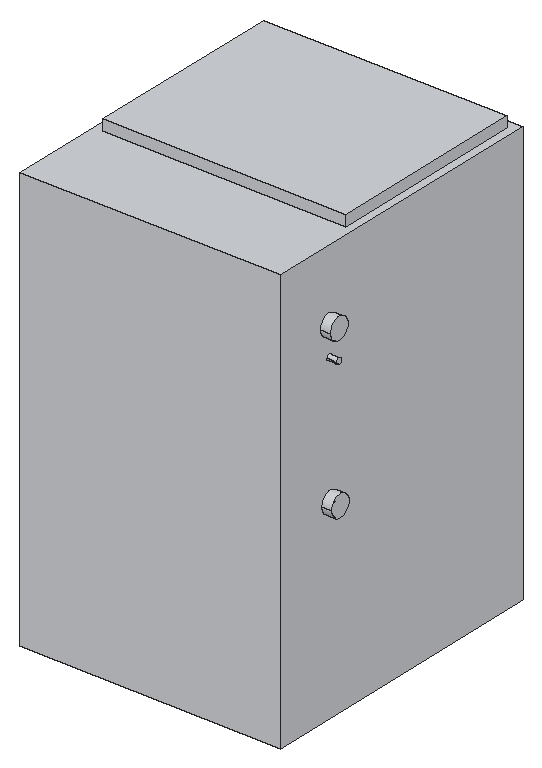
Revit family "5a99223a2ac642db9da8b2edf98c3d63", category Mechanical Equipment, Revit 2021
Family settings
  Round Connector Dimension = Use Radius
  Part Type = Normal
  OmniClass Number = 23.75.10.11.17.11
  OmniClass Title = Furnaces
  Seek Item ID = Gas Fired Furnace - Direct Vent-0000-USA-ENU
  Work Plane-Based = No
  Always vertical = Yes
  Cut with Voids When Loaded = No
  Shared = No
  Room Calculation Point = No
Parameters (values of type "38000 BTUH")
  Vent Radius = Vent Diameter / 2  # 1"
  Vent Diameter = 2"
  Supply Air Width = 22 7/8"
  Supply Air Height = 19"
  Return Air Width = 23"
  Return Air Height = 24 3/16"
  Output Capacity [instance] = 38000 Btu/h
  Material = none
  Gas Radius = Gas Diameter / 2  # 1/4"
  Gas Pressure Drop [instance] = 0.00 psi
  Gas Flow [instance] = 0 GPM
  Gas Diameter = 1/2"
  Furnace Width = 2' - 4 1/2"
  Furnace Length = 2' - 0 1/2"
  Furnace Height = 3' - 3 7/8"
  Exhaust Air Pressure Drop [instance] = 0.00 in-wg
  Exhaust Air Flow [instance] = 0 CFM
  Default Elevation = 0' - 0"
  Combustion Air Radius = Combustion Air Diameter / 2  # 1"
  Combustion Air Pressure Drop [instance] = 0.00 psi
  Combustion Air Flow [instance] = 0 GPM
  Combustion Air Diameter = 2"
  Air Pressure Drop [instance] = 0.00 in-wg
  Air Flow [instance] = 1400 CFM
Types (6): name | Vent Radius | Vent Diameter | Supply Air Width | Return Air Width | Output Capacity | Furnace Length | Combustion Air Radius | Combustion Air Diameter | Air Flow
  (no name) | 1" | 2" | 22 7/8" | 23" | 38000 Btu/h | 2' - 0 1/2" | 1" | 2" | 1400 CFM
  38000 BTUH | 1" | 2" | 22 7/8" | 23" | 38000 Btu/h | 2' - 0 1/2" | 1" | 2" | 1400 CFM
  57000 BTUH | 1" | 2" | 15 7/8" | 16" | 57000 Btu/h | 1' - 5 1/2" | 1" | 2" | 1500 CFM
  75000 BTUH | 1" | 2" | 19 3/8" | 19 1/2" | 75000 Btu/h | 1' - 9" | 1" | 2" | 1990 CFM
  94000 BTUH | 1 1/4" | 2 1/2" | 19 3/8" | 19 1/2" | 94000 Btu/h | 1' - 9" | 1 1/4" | 2 1/2" | 2000 CFM
  113000 BTUH | 1 1/2" | 3" | 22 7/8" | 23" | 113000 Btu/h | 2' - 0 1/2" | 1 1/2" | 3" | 2100 CFM
Reference planes (in)
  plane 1 "Center (Front/Back)": y = 0
  plane 2: z = 0
  plane 3 "Center (Left/Right)": x = 0
  plane 4: x = -24.5
  plane 5: y = -28.5
  plane 6: x = -23.6875
  plane 7: x = -0.8125
  plane 8: y = -0.8125
  plane 9: y = -19.8125
  plane 10: z = 39.875
  plane 11: y = -22.83333
  plane 12: z = 33.25
  plane 13: x = -12.25
  plane 14: z = 30.5
  plane 15: z = 18.25
  plane 16: y = -22.6875
  plane 17: y = -24.875
  plane 18: y = -0.6875
  plane 19: x = -23.75
  plane 20: x = -0.75
Forms (in)
  Extrusion 1, solid, material <- "Material"
    sketch origin (0, 0, 0) x (1, 0, 0) y (0, 1, 0)
      loop
        line (-24.5, 0) -> (-24.5, -28.5) -> (0, -28.5) -> (0, 0) -> (-24.5, 0)
    from 0 to 39.875
  Extrusion 2, solid, material <- "Material"
    sketch origin (0, 0, 0) x (1, 0, 0) y (0, 1, 0)
      loop
        line (-23.6875, -0.8125) -> (-23.6875, -19.8125) -> (-0.8125, -19.8125) -> (-0.8125, -0.8125) -> (-23.6875, -0.8125)
    from 40.875 to 39.875
  Extrusion 3, solid, material <- "Material"
    sketch origin (0, 0, 0) x (0, 1, 0) y (0, 0, 1)
      loop
        circle (-22.83333, 33.25) r 1
      loop
        circle (-22.83333, 30.5) r 0.25
      loop
        circle (-22.6875, 18.25) r 1
    from 0 to 1
  Extrusion 4, solid, material <- "Material"
    sketch origin (0, 0, 0) x (1, 0, 0) y (0, 1, 0)
      loop
        line (-23.75, -0.6875) -> (-23.75, -24.875) -> (-0.75, -24.875) -> (-0.75, -0.6875) -> (-23.75, -0.6875)
    from 0 to 2
Cuts and joins
  joined: Extrusion 1, Extrusion 2, Extrusion 3, Extrusion 4
Lines and regions (in)
  model lines
    curve 1: line (-23.75, -24.875, 0) -> (-0.75, -24.875, 0)
    curve 2: line (-23.75, -0.6875, 0) -> (-23.75, -24.875, 0)
    curve 3: line (-0.75, -0.6875, 0) -> (-23.75, -0.6875, 0)
    curve 4: line (-0.75, -24.875, 0) -> (-0.75, -0.6875, 0)
Dimensions and locks (in)
  "Furnace Length": plane 4 to plane 3 "Center (Left/Right)"
  "Furnace Width": plane 5 to plane 1 "Center (Front/Back)"
  locked: plane 8 to plane 1 "Center (Front/Back)" at 0.8125
  "Supply Air Height": plane 8 to plane 9
  "Furnace Height": plane 10 to plane 2
  locked: Extrusion 2 to plane 10 at 1
  locked: plane 11 to plane 1 "Center (Front/Back)" at 22.83333
  locked: plane 12 to plane 2 at 33.25
  equal spacing: plane 4, plane 13, plane 3 "Center (Left/Right)"
  "Supply Air Width": plane 6 to plane 7
  equal spacing: plane 6, plane 13, plane 7
  locked: plane 14 to plane 2 at 30.5
  locked: plane 15 to plane 2 at 18.25
  locked: plane 16 to plane 1 "Center (Front/Back)" at 22.6875
  locked: Extrusion 3 to plane 3 "Center (Left/Right)" at 1
  "Return Air Height": plane 18 to plane 17
  equal spacing: plane 19, plane 13, plane 20
  "Return Air Width": plane 19 to plane 20
  locked: Extrusion 4 to plane 2 at 2
  locked: plane 1 "Center (Front/Back)" to plane 18 at 0.6875
  "Combustion Air Radius": radius of Extrusion 3 sketch curve
  "Gas Radius": radius of Extrusion 3 sketch curve
  "Vent Radius": radius of Extrusion 3 sketch curve
  aligned and locked: plane 4 to Extrusion 1 sketch curve
  aligned and locked: plane 1 "Center (Front/Back)" to Extrusion 1 sketch curve
  aligned and locked: plane 5 to Extrusion 1 sketch curve
  aligned and locked: Extrusion 1 sketch curve to plane 3 "Center (Left/Right)"
  aligned and locked: plane 10 to Extrusion 1
  aligned and locked: Extrusion 1 to plane 2
  aligned and locked: plane 6 to Extrusion 2 sketch curve
  aligned and locked: Extrusion 2 sketch curve to plane 8
  aligned and locked: plane 9 to Extrusion 2 sketch curve
  aligned and locked: Extrusion 2 sketch curve to plane 7
  aligned and locked: plane 10 to Extrusion 2
  aligned and locked: plane 11 to Extrusion 3 sketch curve  (x2)
  aligned and locked: plane 12 to Extrusion 3 sketch curve
  aligned and locked: plane 14 to Extrusion 3 sketch curve
  aligned and locked: plane 15 to Extrusion 3 sketch curve
  aligned and locked: plane 16 to Extrusion 3 sketch curve
  aligned and locked: Extrusion 3 to plane 3 "Center (Left/Right)"
  aligned and locked: plane 19 to Extrusion 4 sketch curve
  aligned and locked: Extrusion 4 sketch curve to plane 18
  aligned and locked: plane 17 to Extrusion 4 sketch curve
  aligned and locked: plane 20 to Extrusion 4 sketch curve
  aligned and locked: Extrusion 4 to plane 2
  aligned and locked: curve 2 to plane 19
  aligned and locked: curve 4 to plane 20
  aligned and locked: plane 18 to curve 3
  aligned and locked: curve 1 to plane 17
Connectors (in)
  hvac at (-12.25, -10.3125, 40.875), driven by "Air Flow", driven by "Supply Air Height", driven by "Supply Air Width", driven by "Air Pressure Drop"
    settings: on Extrusion 2, index 1, duct flow 1400 CFM, flow factor 0, pres drop 0.00 in-wg, loss coef 0, conn angle 0.00°, conn width 22 7/8", conn height 19", conn diameter 24", duct sys type 1, conn prof type 1, flow config 0, flow direction 2, loss method 4, conn ref index 2, conn util no, is conn primary yes, conn desc ""
  hvac at (-12.25, -12.78125, 0), driven by "Return Air Height", driven by "Return Air Width", driven by "Air Flow"
    settings: on Extrusion 4, index 2, duct flow 1400 CFM, flow factor 0, pres drop 0.00 in-wg, loss coef 0, conn angle 0.00°, conn width 23", conn height 24 3/16", conn diameter 24", duct sys type 2, conn prof type 1, flow config 0, flow direction 1, loss method 4, conn ref index 1, conn util no, is conn primary no, conn desc ""
  piping at (1, -22.83333, 30.5), diameter 0.5, driven by "Gas Flow", driven by "Gas Radius", driven by "Gas Pressure Drop"
    settings: on cut or joined group of Extrusion 1, Extrusion 2, Extrusion 3, Extrusion 4, index 3, connector inside diameter 1/2", connector length 0' - 0", flow factor 0, pipe flow 0 GPM, pressure drop 0.00 psi, fitting loss kfactor 0, connector angle 0.00°, fixture units 0, engagement length 0' - 0", angle of deflection 0.00°, flow configuration 1, flow direction 1, fitting loss method 4, system type 22, joint type 0, gender type 0, connector reference index -1, connector utility 0, adjustable connector no, is connector primary yes, connector description "Gas In"
  piping at (1, -22.83333, 33.25), diameter 2, driven by "Combustion Air Radius", driven by "Combustion Air Flow", driven by "Combustion Air Pressure Drop"
    settings: on cut or joined group of Extrusion 1, Extrusion 2, Extrusion 3, Extrusion 4, index 4, connector inside diameter 2", connector length 0' - 0", flow factor 0, pipe flow 0 GPM, pressure drop 0.00 psi, fitting loss kfactor 0, connector angle 0.00°, fixture units 0, engagement length 0' - 0", angle of deflection 0.00°, flow configuration 1, flow direction 1, fitting loss method 4, system type 22, joint type 0, gender type 0, connector reference index -1, connector utility 0, adjustable connector no, is connector primary no, connector description "Combustion Air In"
  hvac at (1, -22.6875, 18.25), driven by "Vent Radius", driven by "Exhaust Air Pressure Drop", driven by "Exhaust Air Flow"
    settings: on cut or joined group of Extrusion 1, Extrusion 2, Extrusion 3, Extrusion 4, index 5, duct flow 0 CFM, flow factor 0, pres drop 0.00 in-wg, loss coef 0, conn angle 0.00°, conn width 12", conn height 12", conn diameter 2", duct sys type 3, conn prof type 0, flow config 1, flow direction 2, loss method 4, conn ref index -1, conn util no, is conn primary no, conn desc ""
